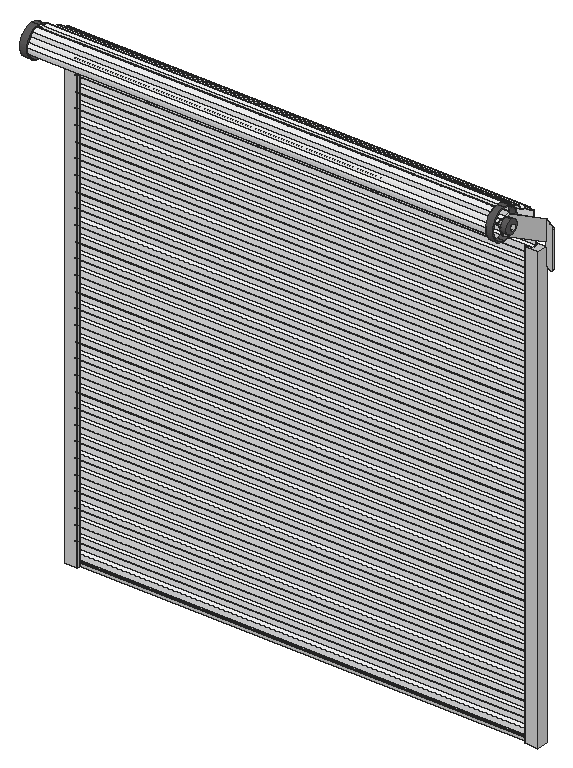
Revit family "Doors_Industrial_Wayne-Dalton_Roll-Up-Self-Storage-Doors-Model-770-SS_", category Specialty Equipment, host Wall, Revit 2019
Family settings
  Host = Wall
  Round Connector Dimension = Use Diameter
  Part Type = Normal
  OmniClass Number = 23.30.10.21.34
  OmniClass Title = Industrial Doors
  Always vertical = Yes
  Cut with Voids When Loaded = No
  Shared = No
  Room Calculation Point = No
Parameters (values of type "Manual push-up")
  True Opening Width [instance] = Clear Width  # 100"
  True Opening Height [instance] = Clear Height  # 100"
  Slat Height = 3 91/256" * 3  # 10 17/256"
  Product Page URL = "https://www.wayne-dalton.com/roll-up-sheet-door-770ss"
  Slat Length [instance] = [Opening Width (Real)] + 1/4" * 2 + 1 77/256" * 2  # 103 13/128"
  Opening Width [instance] = 100"
  Opening Height [instance] = 100"
  Min Opening Width [instance] = 36"  # constant formula
  Min Opening Height [instance] = 84"  # constant formula
  Max Opening Width [instance] = 120"  # constant formula
  Max Opening Height [instance] = 120"  # constant formula
  Headroom Height [instance] = 13"  # constant formula
  Opening Width (Real) [instance] = if(Opening Width < Min Opening Width, Min Opening Width, if(Opening Width > Max Opening Width, Max Opening Width, Opening Width))  # 100"
  Opening Height (Real) [instance] = if(Opening Height < Min Opening Height, Min Opening Height, if(Opening Height > Max Opening Height, Max Opening Height, Opening Height))  # 100"
  URL = "https://www.wayne-dalton.com/"
  Product data url = "https://www.bimobject.com/wayne-dalton/product/roll-up-self-storage-doors-model-770-ss"
  Product Guid = "4da5efdc-ab3b-468d-9645-3698645ed102"
  Model = "770SS"  # constant formula
  Manufacturer = "Wayne Dalton"  # constant formula
  Wall Closure = By host
  Floor To (CL) of Shaft [instance] = [Opening Height (Real)] + 9 149/256"  # 109 149/256"
  Finish Material = Metal - Wayne Dalton - Galvanized Steel
  Description = "MODEL 770SS SELF-STORAGE ROLLING SHEET DOOR"  # constant formula
  Curtain Material [instance] = Steel - Wayne Dalton - White
  Connection Offset [instance] = [Floor To (CL) of Shaft] - Array Length - 1 3/16" + 1/256"  # 7 47/64"
  Clear Width [instance] = [Opening Width (Real)]  # 100"
  Clear Height [instance] = [Opening Height (Real)]  # 100"
  Backroom Depth [instance] = 15"  # constant formula
  Array Length [instance] = (Array) * Slat Height  # 100 85/128"
  Array [instance] = rounddown(([Opening Height (Real)] - 1 3/16" + 7 113/256") / Slat Height)  # 10
Reference planes (in)
  plane 1 "Center (Front/Back)": y = 0
  plane 2 "Center (Left/Right)": x = 0
  plane 3 "Left": x = -50
  plane 4 "Right": x = 50
  plane 5 "Exterior": y = 1.5
  plane 6 "Interior": y = -4.5
  plane 7: x = 50
  plane 8: x = -50
  plane 9: z = 100
  plane 10 "Top": z = 113
  plane 11 "Main": y = -5.75
  plane 12: y = -19.5
  plane 13 "Main Door Block": y = -4.5
  plane 14: z = 47.47
  plane 15 "Bottom Bar": z = 1.1875
  plane 16: x = 52.5
  plane 17: x = -52.5
  plane 18: y = -5.253
  plane 19: y = -6.048
  plane 20: z = 101.85156
  plane 21: z = 109.58203
  plane 22: z = 11.25391
Lines and regions (in)
  Opening 1
    outline origin (-90, -4.5, 0) x (1, 0, 0) y (0, 0, 1)
      loop
        line (40, 0) -> (140, 0) -> (140, 100) -> (40, 100) -> (40, 0)
Text (in)
  text "Exterior" at (-74.96733, 27.31104, 0), in view "Ref. Level"
  text "Interior" at (-74.96733, -25.14366, 0), in view "Ref. Level"
  text "Exterior" at (0, 40.15149, 123.01588), in view "Right"
  text "Interior" at (0, -64.39139, 123.01588), in view "Right"
  text "Interior" at (0, -31.01599, 123.00693), in view "Left"
  text "Exterior" at (0, 54.57065, 123.00693), in view "Left"
Dimensions and locks (in)
  equal spacing: plane 3 "Left", plane 2 "Center (Left/Right)", plane 4 "Right"
  level to host wall = 459.59655"
  "Opening Height (Real)": level to plane 9
  plane 8 to plane 2 "Center (Left/Right)" to plane 7 = 50", 50"
  "Headroom Height": plane 9 to plane 10 "Top"
  locked: plane 13 "Main Door Block" to plane 11 "Main" at 1.25
  locked: plane 1 "Center (Front/Back)" to plane 6 "Interior" at 4.5
  locked: plane 8 to plane 17 at 2.5
  locked: plane 16 to plane 7 at 2.5
  locked: plane 5 "Exterior" to plane 1 "Center (Front/Back)" at 1.5
  equal spacing: plane 7, plane 2 "Center (Left/Right)", plane 8
  locked: plane 18 to plane 11 "Main" at 0.497
  "Opening Width (Real)": plane 7 to plane 8
  "Backroom Depth": plane 12 to plane 6 "Interior"
  locked: plane 11 "Main" to plane 19 at 0.298
  plane 19 to plane 11 "Main" = 0.298"
  locked: plane 15 "Bottom Bar" to level at 1.1875
  "Array Length": plane 20 to plane 15 "Bottom Bar"
  nested 1 to nested 1 = 0.937"
  "Floor To (CL) of Shaft": plane 21 to level
  locked: plane 12 to nested 3 at 3.418
  "Slat Height": plane 22 to plane 15 "Bottom Bar"
  equal spacing: group 1, group 2, group 3, group 4, group 5, group 6, group 7, group 8, group 9, group 10  (x3)
  aligned and locked: Opening 1 sketch curve to level
  aligned and locked: plane 5 "Exterior" to host wall
  aligned and locked: host wall to plane 6 "Interior"
  aligned and locked: plane 8 to Opening 1 sketch curve
  aligned and locked: plane 7 to Opening 1 sketch curve
  aligned and locked: Opening 1 sketch curve to plane 9
  aligned and locked: nested 1 to plane 6 "Interior"
  aligned and locked: nested 1 to plane 2 "Center (Left/Right)"
  aligned and locked: level to nested 1
  aligned and locked: plane 13 "Main Door Block" to plane 6 "Interior"
  aligned and locked: plane 21 to nested 3
  aligned and locked: plane 2 "Center (Left/Right)" to nested 3
  aligned and locked: plane 15 "Bottom Bar" to nested 2
  aligned and locked: plane 22 to nested 4
  aligned and locked: plane 19 to nested 2
  aligned and locked: plane 19 to nested 4
  aligned and locked: plane 2 "Center (Left/Right)" to nested 2
  aligned and locked: plane 2 "Center (Left/Right)" to nested 4
Nested families (in)
  nested 1: "Lifts" at (0, -4.5, 0) x (-1, 0, 0) z (0, 0, 1), Floor To (CL) of Shaft <- "Floor To (CL) of Shaft", type "Frame Unit"
    with Floor To (CL) of Shaft 109 149/256"
  nested 2: "Slat" at (0, -6.048, 1.1875), type "Slat"
  nested 3: "Top Slat" at (0, -16.082, 109.58203), type "Top Slat"
  nested 4: "Slat" at (0, -6.048, 11.25391), type "Slat"
  nested 5: "Slat" at (0, -6.048, 21.32031), type "Slat"
  nested 6: "Slat" at (0, -6.048, 31.38672), type "Slat"
  nested 7: "Slat" at (0, -6.048, 41.45313), type "Slat"
  nested 8: "Slat" at (0, -6.048, 51.51953), type "Slat"
  nested 9: "Slat" at (0, -6.048, 61.58594), type "Slat"
  nested 10: "Slat" at (0, -6.048, 71.65234), type "Slat"
  nested 11: "Slat" at (0, -6.048, 81.71875), type "Slat"
  nested 12: "Slat" at (0, -6.048, 91.78516), type "Slat"
Definition of nested family "Lifts"
  Parameters (values of type "Frame Unit")
    Steel Support Outter Radius = 2.82"  # constant formula
    Steel Support Inner Radius = 2 3/4"  # constant formula
    Shaft Radius = 0.563"  # constant formula
    Shaft Material = none
    Setback = 1/4"  # constant formula
    Right Shaft Offset = 5"
    Resin Stopper Radius = 1 1/2"  # constant formula
    Resin Muft Outter Diameter = 3.417"  # constant formula
    Resin Muft Inner Diameter = 3.347"  # constant formula
    Resin Elements Material = none
    Opening Width = 100"
    Left Shaft Offset = 5"
    J Offset = 11.582"  # constant formula
    Headroom Height = 13"
    Header Width = 15"
    Guide Width R Real = Guid Width + Setback  # 3 1/4"
    Guide Width L Real = Guid Width + Setback  # 3 1/4"
    Guid Width = 3"
    Opening Height = 100"
    Floor To (CL) of Shaft [instance] = 107.54"
    Finish Material = none
    Analytic Construction = "<None>"
  Reference planes (in)
    plane 1 "Center (Front/Back)": y = 0
    plane 2: z = 0
    plane 3 "Center (Left/Right)": x = 0
    plane 4 "Left": x = -50
    plane 5 "Right": x = 50
    plane 6 "Opening Height": z = 100
    plane 7: x = -55
    plane 8: x = 55
    plane 9: z = 113
    plane 10: y = 15
    plane 11: x = -25
    plane 12: x = 25
    plane 13: z = 107.54
    plane 14: y = 11.582
    plane 15: x = -51.55
    plane 16: x = 51.55
    plane 17: x = 53.25
    plane 18: x = -53.25
  Forms (in)
    Extrusion 1, solid, material <- "Finish Material"
      sketch origin (0, 0, 0) x (1, 0, 0) y (0, 1, 0)
        loop
          line (-53.25, 0) -> (-50.375, 0)
          arc (-50.375, 0) -> (-50.28661, 0.03661) -> (-50.25, 0.125) r 0.125
          line (-50.25, 0.125) -> (-50.25, 0.625)
          arc (-50.25, 0.625) -> (-50.26831, 0.66919) -> (-50.3125, 0.6875) r 0.0625
          line (-50.3125, 0.6875) -> (-51.55, 0.6875) -> (-51.55, 1.78125) -> (-50.325, 1.78125)
          arc (-50.325, 1.78125) -> (-50.27197, 1.80322) -> (-50.25, 1.85625) r 0.075
          line (-50.25, 1.85625) -> (-50.25, 2.21875)
          arc (-50.25, 2.21875) -> (-50.28661, 2.30714) -> (-50.375, 2.34375) r 0.125
          line (-50.375, 2.34375) -> (-53.25, 2.34375) -> (-53.25, 0)
        loop
          line (53.25, 0) -> (53.25, 2.34375) -> (50.3625, 2.34375)
          arc (50.3625, 2.34375) -> (50.28295, 2.3108) -> (50.25, 2.23125) r 0.1125
          line (50.25, 2.23125) -> (50.25, 1.85625)
          arc (50.25, 1.85625) -> (50.27197, 1.80322) -> (50.325, 1.78125) r 0.075
          line (50.325, 1.78125) -> (51.55, 1.78125) -> (51.55, 0.6875) -> (50.3125, 0.6875)
          arc (50.3125, 0.6875) -> (50.26831, 0.66919) -> (50.25, 0.625) r 0.0625
          line (50.25, 0.625) -> (50.25, 0.125)
          arc (50.25, 0.125) -> (50.28661, 0.03661) -> (50.375, 0) r 0.125
          line (50.375, 0) -> (53.25, 0)
      from 100 to 0
    Extrusion 2, solid, material <- "Finish Material"
      sketch origin (0, 0, 0) x (0, 1, 0) y (0, 0, 1)
        loop
          line (2.0625, 1) -> (2.0625, 1.1875) -> (1.45087, 1.1875) -> (1.45087, 2.125) -> (-0.15187, 2.125) -> (-0.3125, 1.96437) -> (-0.3125, 1.34813) -> (-0.15187, 1.1875) -> (0, 1.1875) -> (0, 1) -> (2.0625, 1)
      from -51.55 to 51.55
    Extrusion 3, solid, material <- "Finish Material"
      sketch origin (0, 0, 0) x (0, 1, 0) y (0, 0, 1)
        loop
          line (0.73437, 1) -> (0.73437, 0) -> (1.73437, 0) -> (1.73437, 1) -> (0.73437, 1)
      from -51.55 to 51.55
    Extrusion 4, solid, material <- "Shaft Material"
      sketch origin (0, 0, 0) x (0, 1, 0) y (0, 0, 1)
        loop
          circle (11.582, 107.54) r 0.563
      from -55 to 55
    Extrusion 5, solid, material <- "Finish Material"
      sketch origin (-53.25, 0, 100) x (0, 0, 1) y (-1, 0, 0)
        loop
          line (-3.60557, -106.5) -> (-4.29837, -107.29697)
          arc (-4.29837, -107.29697) -> (-4.37599, -107.83235) -> (-3.92101, -108.125) r 0.5
          line (-3.92101, -108.125) -> (4.09522, -108.125)
          arc (4.09522, -108.125) -> (4.31048, -108.07629) -> (4.4838, -107.93966) r 0.5
          line (4.4838, -107.93966) -> (5.54434, -106.63) -> (5.54434, -106.5) -> (-3.60557, -106.5)
        loop
          line (-3.60557, 0) -> (5.54434, 0) -> (5.54434, 0.13) -> (4.4838, 1.43966)
          arc (4.4838, 1.43966) -> (4.31048, 1.57629) -> (4.09522, 1.625) r 0.5
          line (4.09522, 1.625) -> (-3.92101, 1.625)
          arc (-3.92101, 1.625) -> (-4.37599, 1.33235) -> (-4.29837, 0.79697) r 0.5
          line (-4.29837, 0.79697) -> (-3.60557, 0)
      from 0 to -0.13
    Extrusion 6, solid, material <- "Finish Material"
      sketch origin (-53.25, 0, 100) x (0, 0, 1) y (0, -1, 0)
        loop
          line (11.28691, -10.43366) -> (5.56096, 0) -> (0.89273, 0) -> (7.69922, -12.40258) -> (10.6357, -13.50019) -> (11.28691, -10.43366)
      from 0 to 0.13
    Extrusion 7, solid, material <- "Finish Material"
      sketch origin (53.25, 0, 100) x (0, 0, 1) y (0, -1, 0)
        loop
          line (11.28691, -10.43366) -> (5.56096, 0) -> (0.89273, 0) -> (7.69922, -12.40258) -> (10.6357, -13.50019) -> (11.28691, -10.43366)
      from 0 to -0.13
    Extrusion 8, solid, material <- "Resin Elements Material"
      sketch origin (-53.25, 0, 100) x (0, 0, 1) y (0, -1, 0)
        loop
          circle (7.54, -11.582) r 1.5
      from -1.375 to 0
    Extrusion 9, solid, material <- "Resin Elements Material"
      sketch origin (53.25, 0, 100) x (0, 0, 1) y (0, -1, 0)
        loop
          circle (7.54, -11.582) r 1.5
      from 0.937 to 0
    Extrusion 10, void
      sketch origin (0, 0, 0) x (1, 0, 0) y (0, 1, 0)
        loop
          line (50, -0.3125) -> (51.55, -0.3125) -> (51.55, 0.125) -> (50, 0.125) -> (50, -0.3125)
        loop
          line (-50, -0.3125) -> (-50, 0.125) -> (-51.55, 0.125) -> (-51.55, -0.3125) -> (-50, -0.3125)
      from 0 to 2.125
    Extrusion 11, solid, material <- "Resin Elements Material"
      sketch origin (53.25, 0, 100) x (0, 0, 1) y (0, -1, 0)
        loop
          circle (7.54, -11.582) r 3.417
        loop
          circle (7.54, -11.582) r 3.347
      from -1.7 to -0.13
    Extrusion 12, solid, material <- "Resin Elements Material"
      sketch origin (-53.25, 0, 100) x (0, 0, 1) y (0, -1, 0)
        loop
          circle (7.54, -11.582) r 3.417
        loop
          circle (7.54, -11.582) r 3.347
      from 1.7 to 0.13
    Extrusion 13, solid, material <- "Shaft Material"
      sketch origin (25, -180, 76.25522) x (0, 0, 1) y (0, -1, 0)
        loop
          line (31.28478, -188.832) -> (31.28478, -188.762)
          arc (31.28478, -188.762) -> (28.46478, -191.582) -> (31.28478, -194.402) r 2.82
          line (31.28478, -194.402) -> (31.28478, -194.332)
          arc (31.28478, -194.332) -> (28.53478, -191.582) -> (31.28478, -188.832) r 2.75
      from -0.753 to 0.753
    Extrusion 14, solid, material <- "Shaft Material"
      sketch origin (0, 0, 0) x (0, 1, 0) y (0, 0, 1)
        loop
          line (8.832, 107.54) -> (8.762, 107.54)
          arc (8.762, 107.54) -> (11.582, 104.72) -> (14.402, 107.54) r 2.82
          line (14.402, 107.54) -> (14.332, 107.54)
          arc (14.332, 107.54) -> (11.582, 104.79) -> (8.832, 107.54) r 2.75
      from -0.753 to 0.753
    Extrusion 15, solid, material <- "Shaft Material"
      sketch origin (-25, -180, -24) x (0, 0, -1) y (0, -1, 0)
        loop
          arc (-131.54, -188.832) -> (-128.79, -191.582) -> (-131.54, -194.332) r 2.75
          line (-131.54, -194.332) -> (-131.54, -194.402)
          arc (-131.54, -194.402) -> (-128.72, -191.582) -> (-131.54, -188.762) r 2.82
          line (-131.54, -188.762) -> (-131.54, -188.832)
      from -0.753 to 0.753
  Cuts and joins
    joined: Extrusion 5, Extrusion 6, Extrusion 7
    Extrusion 10 cuts Extrusion 2
  Lines and regions (in)
    Masking region 1
      outline origin (0, 0, 0) x (1, 0, 0) y (0, 1, 0)
        loop
          line (-54.625, 13.082) -> (-54.625, 10.082) -> (-53.25, 10.082) -> (-53.25, 13.082) -> (-54.625, 13.082)
        loop
          line (-51.55, 8.165) -> (-51.55, 14.999) -> (-53.12, 14.999) -> (-53.12, 8.165) -> (-51.55, 8.165)
        loop
          line (51.55, 14.999) -> (51.55, 8.165) -> (53.12, 8.165) -> (53.12, 14.999) -> (51.55, 14.999)
        loop
          line (54.187, 10.082) -> (54.187, 13.082) -> (53.25, 13.082) -> (53.25, 10.082) -> (54.187, 10.082)
    Masking region 2
      outline origin (0, 0, 0) x (1, 0, 0) y (0, 1, 0)
        loop
          line (-53.25, 13.50019) -> (-53.25, 0.13) -> (-54.875, 0.13) -> (-54.875, 0) -> (-53.12, 0) -> (-53.12, 13.50019) -> (-53.25, 13.50019)
        loop
          line (53.25, 0.13) -> (53.25, 13.50019) -> (53.12, 13.50019) -> (53.12, 0) -> (54.875, 0) -> (54.875, 0.13) -> (53.25, 0.13)
        loop
          line (-55, 12.145) -> (-55, 11.019) -> (-54.625, 11.019) -> (-54.625, 12.145) -> (-55, 12.145)
        loop
          line (55, 11.019) -> (55, 12.145) -> (54.187, 12.145) -> (54.187, 11.019) -> (55, 11.019)
    Masking region 3
      outline origin (0, 0, 0) x (1, 0, 0) y (0, 1, 0)
        loop
          line (-51.55, 2.34375) -> (-53.25, 2.34375) -> (-53.25, 0) -> (-51.55, 0) -> (-51.55, 2.34375)
        loop
          line (51.55, 2.34375) -> (51.55, 0) -> (53.25, 0) -> (53.25, 2.34375) -> (51.55, 2.34375)
    reference lines
      curve 1: line (53.25, 0, 100) -> (53.25, 0, 109.583)
      curve 2: line (-53.25, 0, 100) -> (-53.25, 0, 109.583)
  Dimensions and locks (in)
    equal spacing: plane 4 "Left", plane 3 "Center (Left/Right)", plane 5 "Right"
    "Opening Width": plane 4 "Left" to plane 5 "Right"
    "Opening Height": plane 6 "Opening Height" to level
    "Guide Width L Real": Extrusion 1 sketch curve to plane 4 "Left"
    locked: Extrusion 1 sketch curve to Extrusion 1 sketch curve at 2.34375
    "Headroom Height": plane 9 to plane 6 "Opening Height"
    plane 10 to plane 1 "Center (Front/Back)" = 15"
    "Header Width": plane 10 to plane 1 "Center (Front/Back)"
    locked: Extrusion 1 sketch curve to Extrusion 1 sketch curve at 0.5625
    locked: Extrusion 1 sketch curve to Extrusion 1 sketch curve at 0.6875
    locked: Extrusion 3 sketch curve to level at 1
    locked: Extrusion 2 sketch curve to level at 2.125
    locked: Extrusion 2 sketch curve to level at 1.1875
    locked: Extrusion 2 sketch curve to Extrusion 2 sketch curve at 1.125
    locked: Extrusion 2 sketch curve to Extrusion 2 sketch curve at 0.16063  (x2)
    locked: Extrusion 10 sketch curve to plane 1 "Center (Front/Back)" at 0.3125  (x2)
    locked: plane 1 "Center (Front/Back)" to Extrusion 10 sketch curve at 0.125
    equal spacing: plane 4 "Left", plane 11, plane 3 "Center (Left/Right)"
    equal spacing: plane 5 "Right", plane 12, plane 3 "Center (Left/Right)"
    "Floor To (CL) of Shaft": plane 13 to plane 2
    "J Offset": plane 14 to plane 1 "Center (Front/Back)"
    locked: curve 1 to curve 1 at 9.583
    locked: curve 2 to curve 2 at 9.583
    "Setback": Extrusion 1 sketch curve to plane 4 "Left"
    locked: Extrusion 1 sketch curve to Extrusion 1 sketch curve at 1.3  (x2)
    "Setback": plane 5 "Right" to Extrusion 1 sketch curve
    "Guide Width R Real": plane 5 "Right" to Extrusion 1 sketch curve
    locked: plane 15 to plane 4 "Left" at 1.55
    locked: plane 5 "Right" to plane 16 at 1.55
    "Guide Width R Real": plane 5 "Right" to plane 17
    "Guide Width L Real": plane 18 to plane 4 "Left"
    "Left Shaft Offset": plane 7 to plane 4 "Left"
    "Right Shaft Offset": plane 5 "Right" to plane 8
    equal spacing: Masking region 1 sketch curve, plane 14, Masking region 1 sketch curve  (x2)
    "Resin Stopper Radius": plane 14 to Masking region 1 sketch curve
    "Resin Muft Outter Diameter": Masking region 1 sketch curve to plane 14
    locked: Masking region 2 sketch curve to plane 18 at 1.625
    locked: plane 17 to Masking region 2 sketch curve at 1.625
    equal spacing: Masking region 2 sketch curve, plane 14, Masking region 2 sketch curve  (x2)
    "Shaft Radius": plane 14 to Masking region 2 sketch curve
    "Shaft Radius": Masking region 2 sketch curve to plane 14
    locked: plane 1 "Center (Front/Back)" to Extrusion 3 sketch curve at 0.73437
    locked: Extrusion 3 sketch curve to Extrusion 3 sketch curve at 1
    radius of Extrusion 1 sketch curve = 1/16"  (x2)
    radius of Extrusion 1 sketch curve = 1/8"  (x3)
    radius of Extrusion 1 sketch curve = 0.075"  (x2)
    radius of Extrusion 1 sketch curve = 0.1125"
    "Shaft Radius": radius of Extrusion 4 sketch curve
    radius of Extrusion 5 sketch curve = 1/2"  (x4)
    "Resin Muft Inner Diameter": radius of Extrusion 11 sketch curve
    "Resin Muft Outter Diameter": radius of Extrusion 11 sketch curve
    "Resin Muft Inner Diameter": radius of Extrusion 12 sketch curve
    "Resin Muft Outter Diameter": radius of Extrusion 12 sketch curve
    "Resin Stopper Radius": radius of Extrusion 8 sketch curve
    "Resin Stopper Radius": radius of Extrusion 9 sketch curve
    "Steel Support Inner Radius": radius of Extrusion 13 sketch curve
    "Steel Support Outter Radius": radius of Extrusion 13 sketch curve
    "Steel Support Outter Radius": radius of Extrusion 14 sketch curve
    "Steel Support Inner Radius": radius of Extrusion 14 sketch curve
    "Steel Support Inner Radius": radius of Extrusion 15 sketch curve
    "Steel Support Outter Radius": radius of Extrusion 15 sketch curve
    locked: Extrusion 5 sketch curve to Extrusion 5 sketch curve (angle 129.00°)  (x2)
    locked: Extrusion 5 sketch curve to Extrusion 5 sketch curve (angle 131.00°)
    aligned and locked: plane 2 to level
    aligned and locked: plane 1 "Center (Front/Back)" to Extrusion 1 sketch curve
    aligned and locked: Extrusion 1 sketch curve to plane 1 "Center (Front/Back)"
    aligned and locked: Extrusion 1 sketch curve to Extrusion 1 sketch curve  (x5)
    aligned and locked: plane 7 to Extrusion 4
    aligned and locked: Extrusion 4 to plane 8
    aligned and locked: plane 6 "Opening Height" to Extrusion 1
    aligned and locked: Extrusion 3 sketch curve to level
    aligned and locked: Extrusion 2 sketch curve to Extrusion 2 sketch curve
    aligned and locked: Extrusion 10 sketch curve to plane 5 "Right"
    aligned and locked: Extrusion 10 sketch curve to plane 4 "Left"
    aligned and locked: Extrusion 10 sketch curve to Extrusion 10 sketch curve
    aligned and locked: Extrusion 13 sketch curve to Extrusion 13 sketch curve  (x2)
    aligned and locked: Extrusion 15 sketch curve to Extrusion 15 sketch curve  (x2)
    aligned and locked: Extrusion 14 sketch curve to Extrusion 14 sketch curve  (x2)
    aligned and locked: plane 13 to Extrusion 4 sketch curve
    aligned and locked: plane 14 to Extrusion 4 sketch curve
    aligned and locked: plane 14 to Extrusion 8 sketch curve
    aligned and locked: plane 13 to Extrusion 8 sketch curve
    aligned and locked: plane 14 to Extrusion 9 sketch curve
    aligned and locked: plane 13 to Extrusion 9 sketch curve
    aligned and locked: plane 14 to Extrusion 11 sketch curve  (x2)
    aligned and locked: plane 13 to Extrusion 11 sketch curve  (x2)
    aligned and locked: plane 14 to Extrusion 12 sketch curve  (x2)
    aligned and locked: plane 13 to Extrusion 12 sketch curve
    aligned and locked: plane 14 to Extrusion 13 sketch curve  (x2)
    aligned and locked: plane 13 to Extrusion 13 sketch curve  (x2)
    aligned and locked: plane 14 to Extrusion 14 sketch curve  (x2)
    aligned and locked: plane 13 to Extrusion 14 sketch curve  (x2)
    aligned and locked: plane 14 to Extrusion 15 sketch curve  (x2)
    aligned and locked: plane 13 to Extrusion 15 sketch curve  (x2)
    aligned and locked: plane 6 "Opening Height" to curve 1
    aligned and locked: plane 6 "Opening Height" to curve 2
    aligned and locked: Extrusion 10 sketch curve to plane 15
    aligned and locked: plane 15 to Extrusion 3
    aligned and locked: plane 15 to cut or joined group of Extrusion 2, Extrusion 10
    aligned and locked: Extrusion 3 to plane 16
    aligned and locked: cut or joined group of Extrusion 2, Extrusion 10 to plane 16
    aligned and locked: Extrusion 10 sketch curve to plane 16
    aligned and locked: curve 1 to plane 17
    aligned and locked: Extrusion 5 sketch curve to curve 1
    aligned and locked: curve 2 to plane 18
    aligned and locked: Masking region 1 sketch curve to Extrusion 8  (x2)
    aligned and locked: Extrusion 12 to Masking region 1 sketch curve  (x2)
    aligned and locked: Masking region 1 sketch curve to Extrusion 11  (x2)
    aligned and locked: Masking region 1 sketch curve to Extrusion 9  (x2)
    aligned and locked: Masking region 1 sketch curve to Masking region 1 sketch curve  (x4)
    aligned and locked: Masking region 2 sketch curve to cut or joined group of Extrusion 5, Extrusion 6, Extrusion 7  (x7)
    aligned and locked: cut or joined group of Extrusion 5, Extrusion 6, Extrusion 7 to Masking region 2 sketch curve  (x3)
    aligned and locked: Masking region 2 sketch curve to Extrusion 4
    aligned and locked: Extrusion 8 to Masking region 2 sketch curve
    aligned and locked: Masking region 2 sketch curve to plane 8
    aligned and locked: Extrusion 9 to Masking region 2 sketch curve
    aligned and locked: Extrusion 1 to Masking region 3 sketch curve  (x2)
    aligned and locked: Masking region 3 sketch curve to Extrusion 1  (x4)
  Automatic sketch dimensions
    Extrusion 2 sketch curve to plane 1 "Center (Front/Back)" = 0"
    plane 1 "Center (Front/Back)" to Extrusion 2 sketch curve = 0.15187"  (x2)
    Extrusion 2 sketch curve to Extrusion 2 sketch curve = 0.16063"
    Extrusion 2 sketch curve to Extrusion 2 sketch curve = 0.61162"
    Extrusion 2 sketch curve to plane 1 "Center (Front/Back)" = 1.45088"
    Extrusion 7 sketch curve to curve 1 = 0"
    curve 1 to Extrusion 7 sketch curve = 0.89273"
    Extrusion 7 sketch curve to curve 1 = 4.02204"
    Extrusion 7 sketch curve to curve 1 = 1.88378"
    curve 1 to Extrusion 7 sketch curve = 1.0527"
    curve 1 to Extrusion 7 sketch curve = 1.70391"
    Extrusion 7 sketch curve to curve 1 = 10.43366"
    Extrusion 7 sketch curve to curve 1 = 12.40258"
    Extrusion 7 sketch curve to curve 1 = 13.50019"
    curve 2 to Extrusion 5 sketch curve = 0"
    Extrusion 5 sketch curve to curve 2 = 4.29837"  (x2)
    Extrusion 5 sketch curve to curve 2 = 0.79697"
    Extrusion 5 sketch curve to Extrusion 5 sketch curve = 0.37735"
    Extrusion 5 sketch curve to Extrusion 5 sketch curve = 0.6928"
    curve 2 to Extrusion 5 sketch curve = 4.09522"  (x2)
    Extrusion 5 sketch curve to curve 2 = 0.13"
    Extrusion 5 sketch curve to Extrusion 5 sketch curve = 1.06054"
    Extrusion 6 sketch curve to curve 2 = 0"
    curve 2 to Extrusion 6 sketch curve = 0.89273"
    Extrusion 6 sketch curve to curve 2 = 4.02204"
    Extrusion 6 sketch curve to curve 2 = 1.88378"
    curve 2 to Extrusion 6 sketch curve = 1.0527"
    curve 2 to Extrusion 6 sketch curve = 1.70391"
    Extrusion 6 sketch curve to curve 2 = 10.43366"
    Extrusion 6 sketch curve to curve 2 = 12.40258"
    Extrusion 6 sketch curve to curve 2 = 13.50019"
    Masking region 3 sketch curve to Masking region 3 sketch curve = 2 11/32"
    plane 1 "Center (Front/Back)" to Masking region 3 sketch curve = 0"
    Extrusion 12 sketch curve to Extrusion 12 sketch curve = 0"
Definition of nested family "Slat"
  Parameters (values of type "Slat")
    Slat Height = 3.354" * 3  # 10.062"
    Panel Material = none
    Opening Width = 103 13/128"
    Default Elevation = 48"
  Reference planes (in)
    plane 1 "Center (Front/Back)": y = 0
    plane 2: z = 0
    plane 3 "Center (Left/Right)": x = 0
    plane 4: z = 10.062
    plane 5: x = -51.55078
    plane 6: x = 51.55078
  Forms (in)
    Extrusion 1, solid, material <- "Panel Material"
      sketch origin (0, 0, 0) x (0, 1, 0) y (0, 0, 1)
        loop
          line (0.5962, 1.67027) -> (0.5962, 2.9709) -> (0.04, 3.375) -> (0.04, 4.62025) -> (0.5962, 5.02435) -> (0.5962, 6.32497) -> (0.04, 6.72907) -> (0.04, 7.97432) -> (0.5962, 8.37842) -> (0.5962, 9.67905) -> (0.04, 10.08315) -> (0, 10.06222) -> (0.5562, 9.65812) -> (0.5562, 8.3988) -> (0, 7.9947) -> (0, 6.70815) -> (0.5562, 6.30405) -> (0.5562, 5.04473) -> (0, 4.64063) -> (0, 3.35407) -> (0.5562, 2.94997) -> (0.5562, 1.69065) -> (0, 1.28655) -> (0, 0) -> (0.04, 0) -> (0.04, 1.26617) -> (0.5962, 1.67027)
      from -51.55078 to 51.55078
  Dimensions and locks (in)
    "Slat Height": plane 4 to plane 2
    equal spacing: plane 5, plane 3 "Center (Left/Right)", plane 6
    "Opening Width": plane 5 to plane 6
    aligned and locked: plane 2 to level
    aligned and locked: plane 5 to Extrusion 1
    aligned and locked: plane 6 to Extrusion 1
  Automatic sketch dimensions
    Extrusion 1 sketch curve to plane 1 "Center (Front/Back)" = 0"  (x4)
    Extrusion 1 sketch curve to level = 0"
    Extrusion 1 sketch curve to plane 1 "Center (Front/Back)" = 0.04"  (x3)
    Extrusion 1 sketch curve to Extrusion 1 sketch curve = 0.04"  (x4)
    Extrusion 1 sketch curve to plane 1 "Center (Front/Back)" = 0.5562"  (x3)
    level to Extrusion 1 sketch curve = 1.26617"
    Extrusion 1 sketch curve to Extrusion 1 sketch curve = 0.02038"  (x6)
    Extrusion 1 sketch curve to Extrusion 1 sketch curve = 0.4041"  (x5)
    Extrusion 1 sketch curve to Extrusion 1 sketch curve = 1.25932"  (x2)
    Extrusion 1 sketch curve to Extrusion 1 sketch curve = 0.02093"  (x5)
    Extrusion 1 sketch curve to Extrusion 1 sketch curve = 1.24525"
    Extrusion 1 sketch curve to Extrusion 1 sketch curve = 1.26617"
    Extrusion 1 sketch curve to plane 4 = 0.40388"
    plane 4 to Extrusion 1 sketch curve = 0.00022"
    plane 4 to Extrusion 1 sketch curve = 0.02115"
Definition of nested family "Top Slat"
  Parameters (values of type "Top Slat")
    Slat Height = 3.354"  # constant formula
    Primar Offset = 7 47/64"
    Panel Material = none
    Opening Width = 103 13/128"
    Offset 2 = if(Primar Offset > Slat Height * 2 + 2.175", Slat Height, 0")  # 0"
    Offset 1 = if(Primar Offset > Slat Height + 2.175", Slat Height, 0")  # 3.354"
    Default Elevation = 48"
    2nd Slat = if(Offset 2 = 0", 1 = 2, 1 = 1)  # no
    1st Slat = if(Offset 1 = 0", 1 = 2, 1 = 1)  # yes
  Reference planes (in)
    plane 1 "Center (Front/Back)": y = 0
    plane 2: z = 0
    plane 3 "Center (Left/Right)": x = 0
    plane 4: x = -51.55078
    plane 5: x = 51.55078
  Forms (in)
    Extrusion 1, solid, material <- "Panel Material"
      sketch origin (0, -2.21749, 3.375) x (0, 1, 0) y (0, 0, 1)
        loop
          arc (2.2385, -0.55491) -> (2.90984, -0.64119) -> (3.54127, -0.88496) r 2.82005
          line (3.54127, -0.88496) -> (4.1592, -0.5836) -> (5.2711, -1.17484) -> (5.36676, -1.85566) -> (6.5027, -2.45969) -> (7.12063, -2.15833) -> (8.23253, -2.74957) -> (8.32819, -3.43038) -> (9.46413, -4.03442) -> (10.08206, -3.73305) -> (11.19395, -4.3243) -> (11.28962, -5.00511) -> (12.25127, -5.51647) -> (12.25127, -7.75537) -> (12.32007, -7.75537) -> (12.29127, -7.73445) -> (12.29127, -5.49244) -> (11.32639, -4.97936) -> (11.23073, -4.29855) -> (10.08236, -3.68791) -> (9.46443, -3.98928) -> (8.36496, -3.40464) -> (8.2693, -2.72382) -> (7.12094, -2.11318) -> (6.50301, -2.41455) -> (5.40354, -1.82991) -> (5.30787, -1.1491) -> (4.15951, -0.53846) -> (3.54044, -0.84037)
          arc (3.54044, -0.84037) -> (2.91384, -0.60198) -> (2.24895, -0.51606) r 2.85911
          line (2.24895, -0.51606) -> (1.41069, -0.05371)
          arc (1.41069, -0.05371) -> (0.81102, -0.25989) -> (0.25975, -0.5733) r 3.4177
          line (0.25975, -0.5733) -> (0.10536, -1.44798)
          arc (0.10536, -1.44798) -> (-0.25791, -1.94431) -> (-0.50663, -2.50685) r 2.85911
          line (-0.50663, -2.50685) -> (-1.19337, -3.1553)
          arc (-1.19337, -3.1553) -> (-1.17377, -3.80098) -> (-1.03302, -4.43143) r 3.4177
          line (-1.03302, -4.43143) -> (-0.4347, -4.64297) -> (-0.38486, -4.61914) -> (-1.0029, -4.40098)
          arc (-1.0029, -4.40098) -> (-1.13648, -3.7942) -> (-1.15668, -3.17321) r 3.37872
          line (-1.15668, -3.17321) -> (-0.47282, -2.52867)
          arc (-0.47282, -2.52867) -> (-0.22402, -1.96323) -> (0.14193, -1.46553) r 2.82005
          line (0.14193, -1.46553) -> (0.2957, -0.59436)
          arc (0.2957, -0.59436) -> (0.82717, -0.29423) -> (1.40396, -0.09461) r 3.37872
          line (1.40396, -0.09461) -> (2.2385, -0.55491)
      from -51.55078 to 51.55078
    Extrusion 2, solid, material <- "Panel Material", visible <- "1st Slat"
      sketch origin (0, 0, -7.73438) x (0, 1, 0) y (0, 0, 1)
        loop
          line (10.62998, 1.67027) -> (10.62998, 2.9709) -> (10.07378, 3.375) -> (10.03378, 3.35407) -> (10.58998, 2.94997) -> (10.58998, 1.69065) -> (10.03378, 1.28655) -> (10.03378, 0) -> (10.07378, 0) -> (10.07378, 1.26617) -> (10.62998, 1.67027)
      from -51.55078 to 51.55078
    Extrusion 3, solid, material <- "Panel Material", visible <- "2nd Slat"
      sketch origin (0, 0, -4.38038) x (0, 1, 0) y (0, 0, 1)
        loop
          line (10.62998, 1.67027) -> (10.62998, 2.9709) -> (10.07378, 3.375) -> (10.03378, 3.35407) -> (10.58998, 2.94997) -> (10.58998, 1.69065) -> (10.03378, 1.28655) -> (10.03378, 0) -> (10.07378, 0) -> (10.07378, 1.26617) -> (10.62998, 1.67027)
      from -51.55078 to 51.55078
  Lines and regions (in)
    Masking region 1
      outline origin (0, 0, 0) x (1, 0, 0) y (0, 1, 0)
        loop
          line (-51.55078, -3.41086) -> (51.55078, -3.41086) -> (51.55078, 10.10258) -> (-51.55078, 10.10258) -> (-51.55078, -3.41086)
    Masking region 2
      outline origin (0, 0.0688, 0) x (1, 0, 0) y (0, 1, 0)
        loop
          line (-51.55078, 10.03378) -> (51.55078, 10.03378) -> (51.55078, 11.51459) -> (-51.55078, 11.51459) -> (-51.55078, 10.03378)
    symbolic lines
      curve 1: line (-51.55078, 9.1089, 0) -> (51.55078, 9.1089, 0)
      curve 2: line (-51.55078, 9.01324, 0) -> (51.55078, 9.01324, 0)
      curve 3: line (-51.55078, 7.86487, 0) -> (51.55078, 7.86487, 0)
      curve 4: line (-51.55078, 7.24694, 0) -> (51.55078, 7.24694, 0)
      curve 5: line (-51.55078, 6.14747, 0) -> (51.55078, 6.14747, 0)
      curve 6: line (-51.55078, 6.05181, 0) -> (51.55078, 6.05181, 0)
      curve 7: line (-51.55078, 4.90344, 0) -> (51.55078, 4.90344, 0)
      curve 8: line (-51.55078, 4.28551, 0) -> (51.55078, 4.28551, 0)
      curve 9: line (-51.55078, 3.18604, 0) -> (51.55078, 3.18604, 0)
      curve 10: line (-51.55078, 3.09038, 0) -> (51.55078, 3.09038, 0)
      curve 11: line (-51.55078, 1.94202, 0) -> (51.55078, 1.94202, 0)
      curve 12: line (-51.55078, 1.32295, 0) -> (51.55078, 1.32295, 0)
      curve 13: line (-51.55078, 0.03146, 0) -> (51.55078, 0.03146, 0)
      curve 14: line (-51.55078, -0.8068, 0) -> (51.55078, -0.8068, 0)
      curve 15: line (-51.55078, -1.95774, 0) -> (51.55078, -1.95774, 0)
      curve 16: line (-51.55078, -2.11214, 0) -> (51.55078, -2.11214, 0)
      curve 17: line (-51.55078, -2.72412, 0) -> (51.55078, -2.72412, 0)
    reference lines
      curve 18: line (0, 0, -4.38038) -> (0, 15, -4.38038)
      curve 19: line (0, 0, -4.38038) -> (0, 15, -4.38038)
      curve 20: line (0, 0, -7.73438) -> (0, 15, -7.73438)
  Dimensions and locks (in)
    equal spacing: plane 4, plane 3 "Center (Left/Right)", plane 5
    "Opening Width": plane 4 to plane 5
    locked: Masking region 2 sketch curve to Masking region 2 sketch curve at 1.48081
    locked: curve 18 to curve 18 at 15
    locked: curve 19 to curve 19 at 15
    locked: curve 20 to curve 20 at 15
    "Offset 2": curve 19 to curve 18
    "Offset 1": curve 20 to curve 19
    "Primar Offset": curve 20 to level
    locked: Extrusion 1 sketch curve to Extrusion 1 sketch curve at 0.0688
    radius of Extrusion 1 sketch curve = 2.85911"
    radius of Extrusion 1 sketch curve = 2.82005"
    radius of Extrusion 1 sketch curve = 3.4177"
    radius of Extrusion 1 sketch curve = 3.37872"
    locked: Extrusion 1 sketch curve to Extrusion 1 sketch curve (angle 36.00°)
    aligned and locked: plane 2 to level
    aligned and locked: plane 4 to Extrusion 1
    aligned and locked: plane 5 to Extrusion 1
    aligned and locked: Masking region 1 sketch curve to plane 4
    aligned and locked: plane 5 to Masking region 1 sketch curve
    aligned and locked: Masking region 1 sketch curve to Extrusion 1  (x2)
    aligned and locked: plane 4 to curve 17
    aligned and locked: plane 4 to curve 16
    aligned and locked: plane 4 to curve 15
    aligned and locked: plane 4 to curve 14
    aligned and locked: plane 4 to curve 13
    aligned and locked: plane 4 to curve 12
    aligned and locked: plane 4 to curve 11
    aligned and locked: plane 4 to curve 10
    aligned and locked: plane 4 to curve 9
    aligned and locked: plane 4 to curve 8
    aligned and locked: plane 4 to curve 7
    aligned and locked: plane 4 to curve 6
    aligned and locked: plane 4 to curve 5
    aligned and locked: plane 4 to curve 4
    aligned and locked: plane 4 to curve 3
    aligned and locked: plane 4 to curve 2
    aligned and locked: plane 4 to curve 1
    aligned and locked: plane 5 to curve 17
    aligned and locked: plane 5 to curve 16
    aligned and locked: plane 5 to curve 15
    aligned and locked: plane 5 to curve 14
    aligned and locked: plane 5 to curve 13
    aligned and locked: plane 5 to curve 12
    aligned and locked: plane 5 to curve 11
    aligned and locked: plane 5 to curve 10
    aligned and locked: plane 5 to curve 9
    aligned and locked: plane 5 to curve 8
    aligned and locked: plane 5 to curve 7
    aligned and locked: plane 5 to curve 6
    aligned and locked: plane 5 to curve 5
    aligned and locked: plane 5 to curve 4
    aligned and locked: plane 5 to curve 3
    aligned and locked: plane 5 to curve 2
    aligned and locked: plane 5 to curve 1
    aligned and locked: Masking region 2 sketch curve to plane 4
    aligned and locked: plane 5 to Masking region 2 sketch curve
    aligned and locked: plane 1 "Center (Front/Back)" to curve 18
    aligned and locked: plane 1 "Center (Front/Back)" to curve 19
    aligned and locked: plane 1 "Center (Front/Back)" to curve 20
    aligned and locked: curve 18 to Extrusion 1 sketch curve
    aligned and locked: plane 4 to Extrusion 2
    aligned and locked: plane 5 to Extrusion 2
    aligned and locked: plane 4 to Extrusion 3
    aligned and locked: plane 5 to Extrusion 3
  Automatic sketch dimensions
    plane 1 "Center (Front/Back)" to curve 17 = 2.72412"
    curve 17 to curve 16 = 0.61198"
    curve 16 to curve 15 = 0.1544"
    plane 1 "Center (Front/Back)" to curve 14 = 0.8068"
    curve 13 to plane 1 "Center (Front/Back)" = 0.03146"
    curve 13 to curve 12 = 1.29149"
    curve 12 to curve 11 = 0.61907"
    curve 11 to curve 10 = 1.14837"
    curve 10 to curve 9 = 0.09566"
    curve 9 to curve 8 = 1.09947"
    curve 8 to curve 7 = 0.61793"
    curve 7 to curve 6 = 1.14837"
    curve 6 to curve 5 = 0.09566"
    curve 5 to curve 4 = 1.09947"
    curve 4 to curve 3 = 0.61793"
    curve 3 to curve 2 = 1.14837"
    curve 2 to curve 1 = 0.09566"
    Extrusion 1 sketch curve to Extrusion 1 sketch curve = 0"  (x16)
    Extrusion 1 sketch curve to level = 0"
    Extrusion 1 sketch curve to plane 1 "Center (Front/Back)" = 0"
    plane 1 "Center (Front/Back)" to Extrusion 1 sketch curve = 0.00022"
    Extrusion 1 sketch curve to Extrusion 1 sketch curve = 0.00122"
    plane 1 "Center (Front/Back)" to Extrusion 1 sketch curve = 0.8068"
    Extrusion 1 sketch curve to Extrusion 1 sketch curve = 0.00673"
    Extrusion 1 sketch curve to Extrusion 1 sketch curve = 1.10826"
    Extrusion 1 sketch curve to Extrusion 1 sketch curve = 0.03595"
    Extrusion 1 sketch curve to Extrusion 1 sketch curve = 0.15377"
    level to Extrusion 1 sketch curve = 1.92702"
    Extrusion 1 sketch curve to level = 1.24414"
    plane 1 "Center (Front/Back)" to Extrusion 1 sketch curve = 2.60235"
    Extrusion 1 sketch curve to level = 1.26797"
    Extrusion 1 sketch curve to Extrusion 1 sketch curve = 0.04984"
    level to Extrusion 1 sketch curve = 0.84633"
    Extrusion 1 sketch curve to Extrusion 1 sketch curve = 0.57818"
    level to Extrusion 1 sketch curve = 0.86815"
    Extrusion 1 sketch curve to level = 1.02598"
    Extrusion 1 sketch curve to Extrusion 1 sketch curve = 0.5682"
    Extrusion 1 sketch curve to level = 1.05643"
    Extrusion 1 sketch curve to Extrusion 1 sketch curve = 0.03012"
    level to Extrusion 1 sketch curve = 0.20179"
    Extrusion 1 sketch curve to Extrusion 1 sketch curve = 0.65006"
    level to Extrusion 1 sketch curve = 0.2197"
    Extrusion 1 sketch curve to plane 1 "Center (Front/Back)" = 0.02101"
    Extrusion 1 sketch curve to plane 1 "Center (Front/Back)" = 0.03146"
    Extrusion 1 sketch curve to plane 1 "Center (Front/Back)" = 1.32295"
    Extrusion 1 sketch curve to Extrusion 1 sketch curve = 0.00083"
    Extrusion 1 sketch curve to Extrusion 1 sketch curve = 0.61876"
    Extrusion 1 sketch curve to Extrusion 1 sketch curve = 0.0003"  (x5)
    Extrusion 1 sketch curve to Extrusion 1 sketch curve = 1.1119"  (x3)
    Extrusion 1 sketch curve to Extrusion 1 sketch curve = 0.03677"  (x6)
    level to Extrusion 1 sketch curve = 1.51934"
    Extrusion 1 sketch curve to Extrusion 1 sketch curve = 0.09566"  (x3)
    level to Extrusion 1 sketch curve = 1.54509"
    level to Extrusion 1 sketch curve = 0.91531"
    Extrusion 1 sketch curve to Extrusion 1 sketch curve = 1.09916"  (x2)
    level to Extrusion 1 sketch curve = 0.96045"
    level to Extrusion 1 sketch curve = 1.21667"
    Extrusion 1 sketch curve to Extrusion 1 sketch curve = 0.61763"  (x2)
    level to Extrusion 1 sketch curve = 1.26182"
    level to Extrusion 1 sketch curve = 0.62543"
    level to Extrusion 1 sketch curve = 0.65118"
    Extrusion 1 sketch curve to level = 0.05538"
    Extrusion 1 sketch curve to level = 0.02964"
    Extrusion 1 sketch curve to level = 0.65942"
    Extrusion 1 sketch curve to level = 0.61428"
    Extrusion 1 sketch curve to level = 0.35805"
    Extrusion 1 sketch curve to level = 0.31291"
    Extrusion 1 sketch curve to level = 0.9493"
    Extrusion 1 sketch curve to level = 0.92355"
    Extrusion 1 sketch curve to level = 1.63011"
    Extrusion 1 sketch curve to level = 1.60436"
    Extrusion 1 sketch curve to level = 2.14147"
    Extrusion 1 sketch curve to Extrusion 1 sketch curve = 0.92488"
    Extrusion 1 sketch curve to Extrusion 1 sketch curve = 0.04"
    Extrusion 1 sketch curve to Extrusion 1 sketch curve = 0.02403"
    Extrusion 1 sketch curve to Extrusion 1 sketch curve = 0.65506"
    Extrusion 1 sketch curve to Extrusion 1 sketch curve = 0.02575"
    Extrusion 1 sketch curve to Extrusion 1 sketch curve = 0.28988"
    Extrusion 1 sketch curve to Extrusion 1 sketch curve = 0.04459"
    Extrusion 1 sketch curve to Extrusion 1 sketch curve = 0.25678"
    Extrusion 1 sketch curve to Extrusion 1 sketch curve = 0.02105"
    Extrusion 1 sketch curve to Extrusion 1 sketch curve = 0.04514"
    curve 20 to Extrusion 2 sketch curve = 0"
    Extrusion 2 sketch curve to curve 20 = 4.96622"
    Extrusion 2 sketch curve to Extrusion 2 sketch curve = 0"
    Extrusion 2 sketch curve to Extrusion 2 sketch curve = 0.04"  (x3)
    Extrusion 2 sketch curve to curve 20 = 1.69065"
    Extrusion 2 sketch curve to Extrusion 2 sketch curve = 0.5162"
    Extrusion 2 sketch curve to curve 20 = 1.67027"
    Extrusion 2 sketch curve to Extrusion 2 sketch curve = 0.42448"
    Extrusion 2 sketch curve to Extrusion 2 sketch curve = 0.02038"
    Extrusion 2 sketch curve to Extrusion 2 sketch curve = 1.25932"
    Extrusion 2 sketch curve to Extrusion 2 sketch curve = 0.02093"  (x2)
    Extrusion 2 sketch curve to Extrusion 2 sketch curve = 0.4041"
    Extrusion 3 sketch curve to curve 20 = 4.96622"
    Extrusion 3 sketch curve to Extrusion 3 sketch curve = 0"
    Extrusion 3 sketch curve to Extrusion 3 sketch curve = 0.04"  (x3)
    Extrusion 3 sketch curve to Extrusion 3 sketch curve = 0.5162"
    Extrusion 3 sketch curve to curve 20 = 3.354"
    Extrusion 3 sketch curve to Extrusion 3 sketch curve = 1.26617"
    Extrusion 3 sketch curve to Extrusion 3 sketch curve = 0.02038"  (x2)
    Extrusion 3 sketch curve to Extrusion 3 sketch curve = 0.4041"  (x2)
    Extrusion 3 sketch curve to Extrusion 3 sketch curve = 1.25932"
    Extrusion 3 sketch curve to Extrusion 3 sketch curve = 0.02093"  (x2)
    Masking region 2 sketch curve to plane 1 "Center (Front/Back)" = 10.10258"
